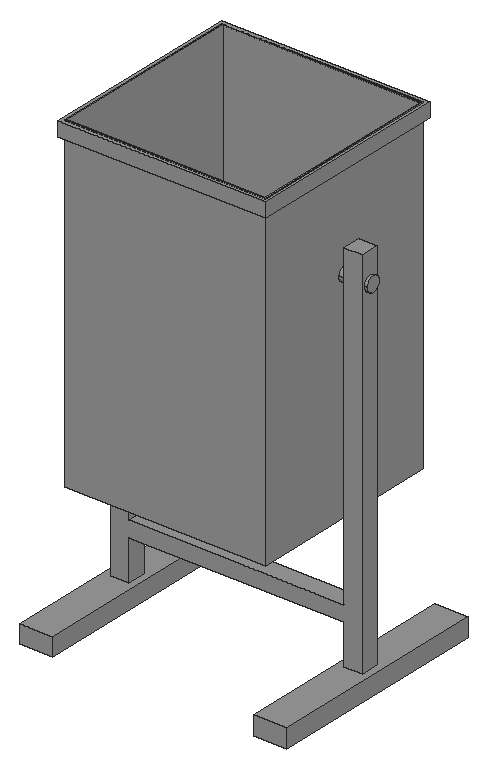
Revit family "7343 Урна стальная «Альфа» квадратная Хоббика", category Антураж, Revit 2018
Family settings
  На основе рабочей плоскости = Нет
  Всегда вертикально = Да
  При загрузке вырезать с полостями = Нет
  Источник визуального образа = Геометрия семейства
  Общий = Нет
  Точка расчета площади = Нет
Parameters (values of type "Урна стальная «Альфа» квадратная")
  Ширина = 310 mm  # constant formula
  Цвет основания = Черный
  Цве урны = Синий
  Описание = "Урна стальная «Альфа» квадратная"  # constant formula
  Материал изделия = "Сталь"  # constant formula
  Изображение типоразмера = Урна стальная «Альфа» квадратная Арт 7343.jpg
  Изготовитель = "ООО «Хоббика»"  # constant formula
  Длина = 365 mm  # constant formula
  Группа модели = "Уличные урны"  # constant formula
  Высота = 650 mm  # constant formula
  Артикул товара = "Арт. 7343"  # constant formula
  URL = "https://hobbyka.ru/product/urna-pepelnica_alfa/"
Reference planes
  plane 1 "По центру (Вперед/Назад)": y = 0
  plane 2: z = 0
  plane 3 "По центру (Влево/Вправо)": x = 0
  plane 4: x = 365
  plane 5: y = 310
  plane 6: z = 650
Forms (mm)
  Extrusion 1, solid, material "Черный" <- "Цвет основания"
    sketch origin (0, 0, 0) x (1, 0, 0) y (0, 1, 0)
      loop
        line (0, 310) -> (0, 0) -> (45, 0) -> (45, 310) -> (0, 310)
      loop
        line (365, 310) -> (320, 310) -> (320, 0) -> (365, 0) -> (365, 310)
    from 0 to 25
  Extrusion 2, solid, material "Черный" <- "Цвет основания"
    sketch origin (0, 0, 0) x (1, 0, 0) y (0, 1, 0)
      loop
        line (35, 167.5) -> (10, 167.5) -> (10, 142.5) -> (35, 142.5) -> (35, 167.5)
      loop
        line (330, 167.5) -> (330, 142.5) -> (355, 142.5) -> (355, 167.5) -> (330, 167.5)
    from 0 to 540
  Extrusion 3, solid, material "Синий" <- "Цве урны"
    sketch origin (0, 0, 0) x (1, 0, 0) y (0, 1, 0)
      loop
        line (45, 290) -> (45, 20) -> (320, 20) -> (320, 290) -> (45, 290)
      loop
        line (47, 288) -> (47, 22) -> (318, 22) -> (318, 288) -> (47, 288)
    from 200 to 650
  Extrusion 4, solid, material "Синий" <- "Цве урны"
    sketch origin (0, 0, 0) x (1, 0, 0) y (0, 1, 0)
      loop
        line (47, 288) -> (47, 22) -> (318, 22) -> (318, 288) -> (47, 288)
    from 200 to 202
  Extrusion 5, solid, material "Синий" <- "Цве урны"
    sketch origin (0, 0, 0) x (1, 0, 0) y (0, 1, 0)
      loop
        line (45, 290) -> (45, 20) -> (320, 20) -> (320, 290) -> (45, 290)
      loop
        line (40, 15) -> (325, 15) -> (325, 295) -> (40, 295) -> (40, 15)
    from 630 to 650
  Extrusion 6, solid, material "Черный" <- "Цвет основания"
    sketch origin (0, 0, 0) x (0, 1, 0) y (0, 0, 1)
      loop
        line (167.5, 101.77) -> (142.5, 101.77) -> (142.5, 80) -> (167.5, 80) -> (167.5, 101.77)
    from 35 to 330
  Extrusion 7, solid, material "Черный" <- "Цвет основания"
    sketch origin (0, 0, -27.5) x (0, 1, 0) y (0, 0, 1)
      loop
        circle (155, 527.5) r 10
    from 5 to 45
  Extrusion 8, solid, material "Черный" <- "Цвет основания"
    sketch origin (0, 0, -27.5) x (0, 1, 0) y (0, 0, 1)
      loop
        circle (155, 527.5) r 10
    from 320 to 360
Cuts and joins
  joined: Extrusion 1, Extrusion 2, Extrusion 6, Extrusion 7, Extrusion 8
  joined: Extrusion 3, Extrusion 4
Dimensions and locks
  "Ширина": plane 5 to plane 1 "По центру (Вперед/Назад)"
  "Длина": plane 3 "По центру (Влево/Вправо)" to plane 4
  "Высота": plane 6 to plane 2
  aligned and locked: level to plane 2
Automatic sketch dimensions
  plane 1 "По центру (Вперед/Назад)" to Extrusion 1 sketch curve = 0 mm  (x2)
  Extrusion 1 sketch curve to plane 3 "По центру (Влево/Вправо)" = 0 mm
  Extrusion 1 sketch curve to plane 5 = 0 mm  (x2)
  Extrusion 1 sketch curve to plane 4 = 0 mm
  plane 3 "По центру (Влево/Вправо)" to Extrusion 1 sketch curve = 45 mm
  Extrusion 1 sketch curve to plane 4 = 45 mm
  plane 3 "По центру (Влево/Вправо)" to Extrusion 2 sketch curve = 10 mm
  Extrusion 2 sketch curve to Extrusion 2 sketch curve = 25 mm  (x3)
  Extrusion 2 sketch curve to plane 4 = 35 mm
  Extrusion 2 sketch curve to plane 4 = 10 mm
  Extrusion 2 sketch curve to plane 1 "По центру (Вперед/Назад)" = 142.5 mm  (x2)
  Extrusion 3 sketch curve to plane 1 "По центру (Вперед/Назад)" = 20 mm
  plane 3 "По центру (Влево/Вправо)" to Extrusion 3 sketch curve = 45 mm
  Extrusion 3 sketch curve to Extrusion 3 sketch curve = 2 mm  (x3)
  Extrusion 3 sketch curve to plane 1 "По центру (Вперед/Назад)" = 22 mm
  Extrusion 3 sketch curve to plane 4 = 47 mm
  Extrusion 3 sketch curve to plane 5 = 22 mm
  Extrusion 4 sketch curve to plane 1 "По центру (Вперед/Назад)" = 22 mm
  plane 3 "По центру (Влево/Вправо)" to Extrusion 4 sketch curve = 47 mm
  Extrusion 4 sketch curve to plane 4 = 47 mm
  Extrusion 4 sketch curve to plane 5 = 22 mm
  Extrusion 5 sketch curve to plane 1 "По центру (Вперед/Назад)" = 15 mm
  plane 3 "По центру (Влево/Вправо)" to Extrusion 5 sketch curve = 40 mm
  Extrusion 5 sketch curve to Extrusion 5 sketch curve = 5 mm  (x3)
  Extrusion 5 sketch curve to plane 1 "По центру (Вперед/Назад)" = 20 mm
  Extrusion 5 sketch curve to plane 4 = 45 mm
  Extrusion 5 sketch curve to plane 5 = 20 mm
  Extrusion 6 sketch curve to plane 1 "По центру (Вперед/Назад)" = 142.5 mm
  Extrusion 6 sketch curve to Extrusion 6 sketch curve = 25 mm
  level to Extrusion 6 sketch curve = 80 mm
  Extrusion 6 sketch curve to Extrusion 6 sketch curve = 21.77 mm
  Extrusion 7 sketch curve to plane 1 "По центру (Вперед/Назад)" = 155 mm
  Extrusion 7 sketch curve to plane 6 = 150 mm
  Extrusion 8 sketch curve to plane 1 "По центру (Вперед/Назад)" = 155 mm
  Extrusion 8 sketch curve to plane 6 = 150 mm
  radius of Extrusion 7 sketch curve = 10 mm
  radius of Extrusion 8 sketch curve = 10 mm
